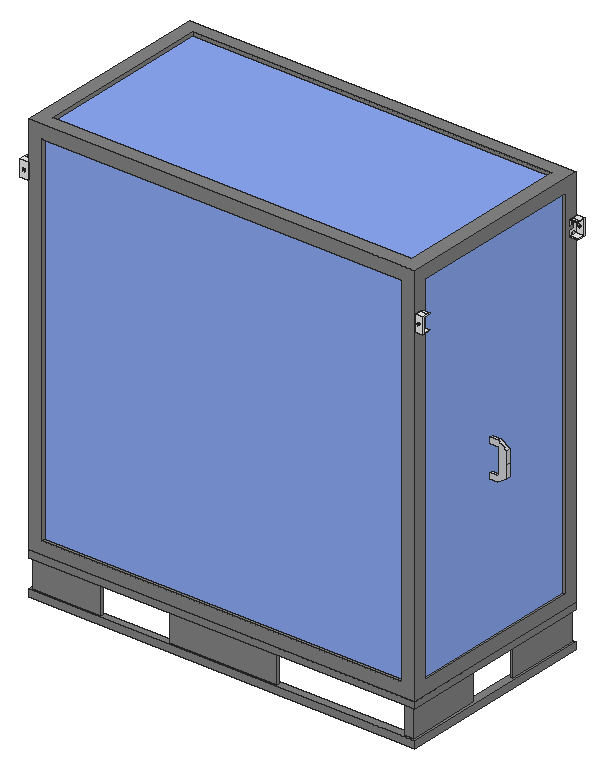
Revit family "13. Секция фильтра ANR F1-9", category Оборудование, Revit 2016
Family settings
  Тип детали = Нормальный
  Размер круглого соединителя = Использовать диаметр
  На основе рабочей плоскости = Нет
  Всегда вертикально = Да
  При загрузке вырезать с полостями = Нет
  Общий = Нет
  Точка расчета площади = Нет
Parameters (values of type "ANR 6 F1")
  №8 = no
  №7 = no
  №6 = yes
  №45 = no
  №40 = no
  №35 = no
  №30 = no
  №25 = no
  №20 = no
  №12 = no
  Ширина = А - 75 mm  # 1025 mm
  Фильтрующая вставка = "EU4"
  Синий = Синий
  Середина = h + Б1 / 2  # 670 mm
  Д1 = Д - 20 mm  # 555 mm
  Д = 575 mm
  ножки(да/нет) [instance] = no
  Высота = Б - 75 mm  # 1025 mm
  Б1 = Б - 20 mm  # 1080 mm
  А1 = А - 20 mm  # 1080 mm
  А = 1100 mm
  высота ножек = 120 mm
  Б = 1100 mm
  Частотный преобразователь [instance] = no
  Частота вращения n, об/мин = ""
  Тип, марка, обозначение = "ANR 6 F1"
  Сила тока J, А = ""
  Регулятор расхода [instance] = no
  Раздел = "ОВ"
  Примечание = ""
  Позиция = ""
  Напряжение U,В = ""
  Наименование и тех.хар-ка = "Секция фильтра"  # constant formula
  Мощность двигателя N,Вт = ""
  Материал = Сталь серая
  Масса единицы = ""
  Код, оборудования = ""
  Ключевая пометка = "Вентиляция"
  Задание электрикам [instance] = no
  Задание автоматчикам [instance] = no
  Завод изготовитель = "KORF"  # constant formula
  Единица измерения = "шт."  # constant formula
  h = высота ножек + 10 mm  # 130 mm
Reference planes
  plane 1 "По центру (Вперед/Назад)": y = 0
  plane 2: z = 0
  plane 3 "По центру (Влево/Вправо)": x = 0
  plane 4: x = -540
  plane 5: x = 540
  plane 6: y = 277.5
  plane 7: y = -277.5
  plane 8: z = 1210
  plane 9: z = 130
  plane 10: y = -70.418
  plane 11: z = 670
  plane 12: z = 1110
  plane 13: x = 574.5
  plane 14: x = 590
  plane 15: y = 70.418
  plane 16: x = 724
Forms (mm)
  Extrusion 1, solid, material "Синий" <- "Синий", detail levels fine
    sketch origin (0, 0, 50) x (1, 0, 0) y (0, 1, 0)
      loop
        line (-540, 277.5) -> (-540, -277.5) -> (540, -277.5) -> (540, 277.5) -> (-540, 277.5)
    from 80 to 1160
  Sweep 2, solid, material "Сталь серая" <- "Материал", detail levels fine
    path origin (540, -277.5, 50) x (-1, 0, 0) y (0, 0, -1)
      loop
        line (0, -1160) -> (1080, -1160) -> (1080, -80) -> (0, -80) -> (0, -1160)
    profile "Профиль уголок 10х10 : Профиль уголок 10х10" origin (0, -277.5, 1210) x (0, 0, -1) y (0, -1, 0)
      loop
        line (0, -27.5) -> (0, 0) -> (27.5, 0) -> (27.5, 10) -> (-10, 10) -> (-10, -27.5) -> (0, -27.5)
  Sweep 3, solid, material "Сталь серая" <- "Материал", detail levels fine
    path origin (-540, 277.5, 50) x (1, 0, 0) y (0, 0, -1)
      loop
        line (0, -1160) -> (1080, -1160) -> (1080, -80) -> (0, -80) -> (0, -1160)
    profile "Профиль уголок 10х10 : Профиль уголок 10х10" origin (0, 277.5, 1210) x (0, 0, -1) y (0, 1, 0)
      loop
        line (0, -27.5) -> (0, 0) -> (27.5, 0) -> (27.5, 10) -> (-10, 10) -> (-10, -27.5) -> (0, -27.5)
  Sweep 4, solid, material "Сталь серая" <- "Материал", detail levels fine
    path origin (540, 277.5, 50) x (0, -1, 0) y (0, 0, -1)
      loop
        line (0, -1160) -> (555, -1160) -> (555, -80) -> (0, -80) -> (0, -1160)
    profile "Профиль уголок 10х10 : Профиль уголок 10х10" origin (540, 0, 1210) x (0, 0, -1) y (1, 0, 0)
      loop
        line (0, -27.5) -> (0, 0) -> (27.5, 0) -> (27.5, 10) -> (-10, 10) -> (-10, -27.5) -> (0, -27.5)
  Sweep 5, solid, material "Сталь серая" <- "Материал", detail levels fine
    path origin (-540, -277.5, 50) x (0, 1, 0) y (0, 0, -1)
      loop
        line (0, -1160) -> (555, -1160) -> (555, -80) -> (0, -80) -> (0, -1160)
    profile "Профиль уголок 10х10 : Профиль уголок 10х10" origin (-540, 0, 1210) x (0, 0, -1) y (-1, 0, 0)
      loop
        line (0, -27.5) -> (0, 0) -> (27.5, 0) -> (27.5, 10) -> (-10, 10) -> (-10, -27.5) -> (0, -27.5)
  Extrusion 6, void, not visible
    sketch origin (-345, -245, 50) x (0, -1, 0) y (0, 0, -1)
      loop
        line (-477.965, -475) -> (-477.965, -450) -> (-528.913, -450) -> (-528.913, -475) -> (-477.965, -475)
    from -47.452 to 12
  Sweep 7, solid, material "Сталь серая" <- "Материал", detail levels fine
    path origin (0, 0, 0) x (1, 0, 0) y (0, 1, 0)
      loop
        line (-540, 277.5) -> (-540, -277.5) -> (540, -277.5) -> (540, 277.5) -> (-540, 277.5)
    profile "Семейство1 : Семейство1" origin (0, 277.5, 0) x (0, 1, 0) y (0, 0, 1)
      loop
        line (-10, 120) -> (-10, 100) -> (-3.38, 100) -> (-3.38, 20) -> (-10, 20) -> (-10, 0) -> (10, 0) -> (10, 20) -> (3.38, 20) -> (3.38, 100) -> (10, 100) -> (10, 120) -> (-10, 120)
  Extrusion 8, void
    sketch origin (0, 0, 0) x (1, 0, 0) y (0, 0, 1)
      loop
        line (152.369, 100) -> (152.369, 20) -> (516.298, 20) -> (516.298, 100) -> (152.369, 100)
      loop
        line (-152.369, 100) -> (-348.798, 100) -> (-348.798, 20) -> (-152.369, 20) -> (-152.369, 100)
    from -287.5 to 287.5
  Extrusion 9, void
    sketch origin (0, 0, 0) x (0, 1, 0) y (0, 0, 1)
      loop
        line (-70.418, 100) -> (-70.418, 20) -> (70.418, 20) -> (70.418, 100) -> (-70.418, 100)
    from -550 to 1700
  Extrusion 10, solid, material "Сталь серая" <- "Материал", not visible, detail levels fine
    sketch origin (0, 0, 0) x (1, 0, 0) y (0, 1, 0)
      loop
        line (-494.622, -125.486) -> (-449.622, -125.486) -> (-395.565, 128.832) -> (-315.565, 128.832) -> (-261.508, -125.486) -> (-216.508, -125.486) -> (-162.451, 128.832) -> (-82.451, 128.832) -> (-28.394, -125.486) -> (16.606, -125.486) -> (70.664, 128.832) -> (150.664, 128.832) -> (204.721, -125.486) -> (249.721, -125.486) -> (303.778, 128.832) -> (383.778, 128.832) -> (437.835, -125.486) -> (482.835, -125.486) -> (482.835, -115.486) -> (445.932, -115.486) -> (391.875, 138.832) -> (295.68, 138.832) -> (241.623, -115.486) -> (212.818, -115.486) -> (158.761, 138.832) -> (62.566, 138.832) -> (8.509, -115.486) -> (-20.296, -115.486) -> (-74.353, 138.832) -> (-170.548, 138.832) -> (-224.605, -115.486) -> (-253.41, -115.486) -> (-307.467, 138.832) -> (-403.662, 138.832) -> (-457.72, -115.486) -> (-494.622, -115.486) -> (-494.622, -125.486)
    from 731.909 to 4210
Cuts and joins
  joined: Sweep 2, Sweep 3, Sweep 4, Sweep 5
  Extrusion 8, Extrusion 9 cuts Sweep 7
Lines and regions (mm)
  model lines, detail levels coarse
    curve 1: line (-550, 287.5, 0) -> (550, 287.5, 0)
    curve 2: line (-550, -287.5, 0) -> (-550, 287.5, 0)
    curve 3: line (550, -287.5, 0) -> (-550, -287.5, 0)
    curve 4: line (550, 287.5, 0) -> (550, -287.5, 0)
  model lines, not visible, detail levels coarse
    curve 5: line (-494.622, -125.486, 0) -> (-449.622, -125.486, 0)
    curve 6: line (-449.622, -125.486, 0) -> (-395.565, 128.832, 0)
    curve 7: line (-395.565, 128.832, 0) -> (-315.565, 128.832, 0)
    curve 8: line (-261.508, -125.486, 0) -> (-315.565, 128.832, 0)
    curve 9: line (-261.508, -125.486, 0) -> (-216.508, -125.486, 0)
    curve 10: line (-216.508, -125.486, 0) -> (-162.451, 128.832, 0)
    curve 11: line (-162.451, 128.832, 0) -> (-82.451, 128.832, 0)
    curve 12: line (-28.394, -125.486, 0) -> (-82.451, 128.832, 0)
    curve 13: line (-28.394, -125.486, 0) -> (16.606, -125.486, 0)
    curve 14: line (16.606, -125.486, 0) -> (70.664, 128.832, 0)
    curve 15: line (70.664, 128.832, 0) -> (150.664, 128.832, 0)
    curve 16: line (204.721, -125.486, 0) -> (150.664, 128.832, 0)
    curve 17: line (204.721, -125.486, 0) -> (249.721, -125.486, 0)
    curve 18: line (249.721, -125.486, 0) -> (303.778, 128.832, 0)
    curve 19: line (303.778, 128.832, 0) -> (383.778, 128.832, 0)
    curve 20: line (437.835, -125.486, 0) -> (383.778, 128.832, 0)
    curve 21: line (437.835, -125.486, 0) -> (482.835, -125.486, 0)
Dimensions and locks
  equal spacing: plane 6, plane 1 "По центру (Вперед/Назад)", plane 7
  "Д1": plane 6 to plane 7
  equal spacing: plane 4, plane 3 "По центру (Влево/Вправо)", plane 5
  "А1": plane 4 to plane 5
  "h": plane 9 to level
  "Б1": plane 8 to plane 9
  cut or joined group of Sweep 2, Sweep 3, Sweep 4, Sweep 5 to level = 120 mm
  locked: plane 3 "По центру (Влево/Вправо)" to cut or joined group of Sweep 7, Extrusion 8, Extrusion 9 at 152.369
  locked: cut or joined group of Sweep 7, Extrusion 8, Extrusion 9 to plane 3 "По центру (Влево/Вправо)" at 152.369
  "Середина": plane 11 to level
  locked: plane 8 to plane 12 at 100
  locked: plane 14 to plane 5 at 50
  plane 1 "По центру (Вперед/Назад)" to plane 7 = 277.5 mm
  plane 6 to plane 1 "По центру (Вперед/Назад)" = 277.5 mm
  equal spacing: plane 10, plane 1 "По центру (Вперед/Назад)", plane 15, locked at 70.418 each
  locked: plane 16 to plane 5 at 184
  aligned and locked: level to plane 2
  aligned and locked: plane 6 to Extrusion 1
  aligned and locked: plane 5 to Extrusion 1
  aligned and locked: Extrusion 1 to plane 7
  aligned and locked: Extrusion 1 to plane 4
  aligned and locked: plane 8 to Extrusion 1
  aligned and locked: Extrusion 1 to plane 9
  aligned and locked: Sweep 4 sketch curve to Extrusion 1  (x2)
  aligned and locked: Sweep 5 sketch curve to Extrusion 1  (x2)
  aligned and locked: Sweep 7 sketch curve to Extrusion 1  (x4)
  aligned and locked: Sweep 7 to Extrusion 8  (x2)
  aligned and locked: cut or joined group of Sweep 2, Sweep 3, Sweep 4, Sweep 5 to Extrusion 9
  aligned and locked: nested 3 to cut or joined group of Sweep 2, Sweep 3, Sweep 4, Sweep 5  (x2)
  aligned and locked: plane 12 to nested 3
  aligned and locked: nested 4 to plane 12
  aligned and locked: cut or joined group of Sweep 2, Sweep 3, Sweep 4, Sweep 5 to nested 4  (x2)
  aligned and locked: cut or joined group of Sweep 2, Sweep 3, Sweep 4, Sweep 5 to nested 3
  aligned and locked: cut or joined group of Sweep 2, Sweep 3, Sweep 4, Sweep 5 to nested 6
  aligned and locked: nested 5 to cut or joined group of Sweep 2, Sweep 3, Sweep 4, Sweep 5
  aligned and locked: plane 12 to nested 6
  aligned and locked: nested 5 to plane 12
  aligned and locked: nested 2 to plane 14
  aligned and locked: nested 6 to cut or joined group of Sweep 2, Sweep 3, Sweep 4, Sweep 5
  aligned and locked: cut or joined group of Sweep 2, Sweep 3, Sweep 4, Sweep 5 to nested 5
  aligned and locked: plane 1 "По центру (Вперед/Назад)" to nested 2
  aligned and locked: plane 10 to Extrusion 9 sketch curve
  aligned and locked: plane 15 to Extrusion 9 sketch curve
  aligned and locked: nested 2 to plane 11
  aligned and locked: curve 1 to cut or joined group of Sweep 2, Sweep 3, Sweep 4, Sweep 5
  aligned and locked: curve 2 to cut or joined group of Sweep 2, Sweep 3, Sweep 4, Sweep 5
  aligned and locked: curve 3 to cut or joined group of Sweep 7, Extrusion 8, Extrusion 9
  aligned and locked: curve 4 to cut or joined group of Sweep 2, Sweep 3, Sweep 4, Sweep 5
  aligned and locked: level to nested 8
  aligned and locked: plane 9 to nested 9
  aligned and locked: nested 10 to plane 6
  aligned and locked: plane 9 to nested 10
  aligned and locked: plane 7 to nested 11
  aligned and locked: plane 9 to nested 11
  aligned and locked: plane 7 to nested 12
  aligned and locked: plane 9 to nested 12
  aligned and locked: plane 7 to nested 13
  aligned and locked: plane 9 to nested 13
  aligned and locked: plane 7 to nested 14
  aligned and locked: plane 9 to nested 14
  aligned and locked: plane 7 to nested 15
  aligned and locked: plane 9 to nested 15
  aligned and locked: plane 7 to nested 16
  aligned and locked: plane 9 to nested 16
  aligned and locked: plane 7 to nested 17
  aligned and locked: plane 9 to nested 17
Automatic sketch dimensions
  Extrusion 6 sketch curve to Extrusion 6 sketch curve = 50.949 mm
  Extrusion 6 sketch curve to Extrusion 6 sketch curve = 25 mm
  Extrusion 1 sketch curve to plane 4 = 0 mm
  Extrusion 1 sketch curve to plane 5 = 0 mm
  Extrusion 1 sketch curve to plane 7 = 0 mm
  Extrusion 1 sketch curve to plane 6 = 0 mm
  Sweep 2 sketch curve to Extrusion 1 = 0 mm  (x4)
  Sweep 3 sketch curve to Extrusion 1 = 0 mm  (x3)
  Extrusion 1 to Sweep 3 sketch curve = 0 mm
  Sweep 4 sketch curve to Extrusion 1 = 0 mm  (x2)
  Sweep 5 sketch curve to Extrusion 1 = 0 mm  (x2)
  Extrusion 8 sketch curve to plane 9 = 30 mm  (x2)
  plane 4 to Extrusion 8 sketch curve = 191.202 mm
  level to Extrusion 8 sketch curve = 20 mm  (x2)
  Extrusion 8 sketch curve to plane 3 "По центру (Влево/Вправо)" = 152.369 mm
  plane 3 "По центру (Влево/Вправо)" to Extrusion 8 sketch curve = 152.369 mm
  Extrusion 8 sketch curve to plane 13 = 58.202 mm
  level to Extrusion 9 sketch curve = 20 mm
  Extrusion 9 sketch curve to plane 9 = 30 mm
  curve 5 to curve 6 = 54.057 mm
  curve 6 to curve 8 = 80 mm
  curve 5 to curve 9 = 188.114 mm
  curve 8 to curve 9 = 45 mm
  curve 7 to curve 11 = 153.114 mm
  curve 10 to curve 12 = 80 mm
  curve 9 to curve 12 = 188.114 mm
  curve 12 to curve 14 = 45 mm
  curve 11 to curve 15 = 153.114 mm
  curve 14 to curve 15 = 80 mm
  curve 13 to curve 17 = 188.114 mm
  curve 16 to curve 18 = 45 mm
  curve 15 to curve 18 = 153.114 mm
  curve 18 to curve 20 = 80 mm
  curve 17 to curve 20 = 188.114 mm
  curve 5 to curve 8 = 0 mm
  curve 18 to curve 20 = 0 mm
  curve 9 to curve 12 = 0 mm
  curve 13 to curve 15 = 254.318 mm
  curve 12 to curve 14 = 0 mm
  curve 15 to curve 18 = 0 mm
  curve 8 to curve 10 = 0 mm
  curve 5 to curve 5 = 45 mm
  curve 20 to curve 21 = 45 mm
  curve 21 to curve 19 = 254.318 mm
  Extrusion 10 sketch curve to Extrusion 10 sketch curve = 36.902 mm  (x2)
  Extrusion 10 sketch curve to Extrusion 10 sketch curve = 8.098 mm  (x16)
  Extrusion 10 sketch curve to Extrusion 10 sketch curve = 80 mm  (x4)
  Extrusion 10 sketch curve to Extrusion 10 sketch curve = 188.114 mm  (x4)
  Extrusion 10 sketch curve to Extrusion 10 sketch curve = 28.804 mm  (x3)
  Extrusion 10 sketch curve to Extrusion 10 sketch curve = 136.918 mm  (x3)
  Extrusion 10 sketch curve to Extrusion 10 sketch curve = 10 mm  (x11)
  Extrusion 10 sketch curve to Extrusion 10 sketch curve = 54.057 mm
  Extrusion 10 sketch curve to Extrusion 10 sketch curve = 0 mm  (x4)
  Extrusion 10 sketch curve to Extrusion 10 sketch curve = 244.318 mm  (x2)
Nested families
  nested 1: "крепление 15мм" at (-330, 229.965, 495), type "крепление 15мм", not visible
  nested 2: "Ручка" at (552.018, -10, 621.108), type "Ручка", detail levels fine
  nested 3: "крепеж" at (574.5, -287.5, 1065.175) x (-1, 0, 0) z (0, 0, 1), type "крепеж", detail levels fine
  nested 4: "крепеж" at (574.5, 287.5, 1065.175) x (-1, 0, 0) z (0, 0, 1), type "крепеж", detail levels fine
  nested 5: "крепеж" at (-574.5, -287.5, 1065.175), type "крепеж", detail levels fine
  nested 6: "крепеж" at (-574.5, 287.5, 1065.175), type "крепеж", detail levels fine
  nested 7: "УГО Массив" at (-445, -51.168, 1210), type "УГО Массив", detail levels fine
    with n 5
  nested 8: "УГО Массив" at (-445, -51.168, 0), type "УГО Массив", detail levels coarse
    with n 5
  nested 9: "УГО фильтр №6 (разрез)" at (0, 0, 130) x (0, 1, 0) z (0, 0, 1), длина <- "Д1", высота <- "Б1", visible <- "№6", type "УГО фильтр №6 (разрез)", detail levels medium
    with длина 555 mm, высота 1080 mm, Ширина 0 mm
  nested 10: "УГО фильтр №7 (разрез)" at (0, 0, 130) x (0, 1, 0) z (0, 0, 1), длина <- "Д1", высота <- "Б1", visible <- "№7", type "УГО фильтр №7 (разрез)", detail levels medium
    with длина 555 mm, высота 1080 mm, Ширина 0 mm
  nested 11: "УГО фильтр №12 (разрез)" at (0, 0, 130) x (0, 1, 0) z (0, 0, 1), длина <- "Д1", высота <- "Б1", visible <- "№12", type "УГО фильтр №12 (разрез)", detail levels medium
    with длина 555 mm, высота 1080 mm, Ширина 0 mm
  nested 12: "УГО фильтр №20 (разрез)" at (0, 0, 130) x (0, 1, 0) z (0, 0, 1), длина <- "Д1", высота <- "Б1", visible <- "№20", type "УГО фильтр №20 (разрез)", detail levels medium
    with длина 555 mm, высота 1080 mm, Ширина 0 mm
  nested 13: "УГО фильтр №25 (разрез)" at (0, 0, 130) x (0, 1, 0) z (0, 0, 1), visible <- "№25", длина <- "Д1", высота <- "Б1", type "УГО фильтр №25 (разрез)", detail levels medium
    with длина 555 mm, высота 1080 mm, Ширина 410 mm
  nested 14: "УГО фильтр №30 (разрез)" at (0, 0, 130) x (0, 1, 0) z (0, 0, 1), длина <- "Д1", высота <- "Б1", visible <- "№30", type "УГО фильтр №30 (разрез)", detail levels medium
    with длина 555 mm, высота 1080 mm, Ширина 410 mm
  nested 15: "УГО фильтр №35 (разрез)" at (0, 0, 130) x (0, 1, 0) z (0, 0, 1), длина <- "Д1", высота <- "Б1", visible <- "№35", type "УГО фильтр №35 (разрез)", detail levels medium
    with длина 555 mm, высота 1080 mm, Ширина 410 mm
  nested 16: "УГО фильтр №40 (разрез)" at (0, 0, 130) x (0, 1, 0) z (0, 0, 1), длина <- "Д1", высота <- "Б1", visible <- "№40", type "УГО фильтр №40 (разрез)", detail levels medium
    with длина 555 mm, высота 1080 mm, Ширина 410 mm
  nested 17: "УГО фильтр №45 (разрез)" at (0, 0, 130) x (0, 1, 0) z (0, 0, 1), длина <- "Д1", высота <- "Б1", visible <- "№45", type "УГО фильтр №45 (разрез)", detail levels medium
    with длина 555 mm, высота 1080 mm, Ширина 410 mm
Connectors
  hvac at (0, -287.5, 670), driven by "Высота", driven by "Ширина"
    settings: on cut or joined group of Sweep 2, Sweep 3, Sweep 4, Sweep 5, index 1, duct flow 0.0 L/s, flow factor 0, pres drop 0.0 Pa, loss coef 0, conn angle 0.00°, conn width 1025 mm, conn height 1025 mm, conn diameter 609.6 mm, duct sys type 28, conn prof type 1, flow config 0, flow direction 0, loss method 0, conn ref index -1, conn util no, is conn primary yes, conn desc ""
  hvac at (0, 287.5, 670), driven by "Высота", driven by "Ширина"
    settings: on cut or joined group of Sweep 2, Sweep 3, Sweep 4, Sweep 5, index 2, duct flow 0.0 L/s, flow factor 0, pres drop 0.0 Pa, loss coef 0, conn angle 0.00°, conn width 1025 mm, conn height 1025 mm, conn diameter 609.6 mm, duct sys type 28, conn prof type 1, flow config 0, flow direction 0, loss method 0, conn ref index -1, conn util no, is conn primary no, conn desc ""
Definition of nested family "крепление 15мм"
  Parameters (values of type "крепление 15мм")
    Материал крепления = none
  Reference planes
    plane 1 "По центру (Вперед/Назад)": y = 0
    plane 2: z = 0
    plane 3 "По центру (Влево/Вправо)": x = 0
  Forms (mm)
    Extrusion 1, solid, material <- "Материал крепления"
      sketch origin (0, 0, 0) x (1, 0, 0) y (0, 1, 0)
        loop
          line (-25, 0) -> (0, 0) -> (0, 18.31) -> (0, 25) -> (-3, 25) -> (-3, 3) -> (-25, 3) -> (-25, 0)
      from 0 to 30
    Extrusion 2, void
      sketch origin (0, 0, 0) x (1, 0, 0) y (0, 1, 0)
        loop
          line (-3, 3) -> (-3, 54.96) -> (-58, 54.96) -> (-58, 3) -> (-3, 3)
      from 0 to 15
  Cuts and joins
    Extrusion 2 cuts Extrusion 1
  Dimensions and locks
    Extrusion 1 sketch curve to Extrusion 1 sketch curve = 3 mm  (x2)
    Extrusion 1 sketch curve to Extrusion 1 sketch curve to plane 3 "По центру (Влево/Вправо)" = 25 mm, 0 mm
    Extrusion 1 sketch curve to Extrusion 1 sketch curve = 25 mm
    aligned and locked: level to plane 2
Definition of nested family "Ручка"
  Parameters (values of type "Ручка")
    материал ручки = none
  Reference planes
    plane 1 "По центру (Вперед/Назад)": y = 0
    plane 2: z = 0
    plane 3 "По центру (Влево/Вправо)": x = 0
    plane 4: x = -37.982
    plane 5: x = 37.982
  Forms (mm)
    Extrusion 1, solid, material <- "материал ручки", not visible
      sketch origin (-3.982, 0, -4.834) x (0, 0, 1) y (-1, 0, 0)
        loop
          line (-52.874, -42.815) -> (53.726, -42.815) -> (53.726, 8.783) -> (36.069, 34) -> (1.069, 34) -> (-36.069, 34) -> (-52.874, 10) -> (-52.874, -42.815)
      from 0 to 10
    Extrusion 2, void, not visible
      sketch origin (-3.982, 0, -4.834) x (0, 0, 1) y (-1, 0, 0)
        loop
          line (-37.219, -42.815) -> (37.781, -42.815) -> (37.781, 20.04) -> (-37.219, 20.04) -> (-37.219, -42.815)
      from 0 to 50
    Extrusion 3, solid, material <- "материал ручки"
      sketch origin (3.982, 0, -4.834) x (0, 0, 1) y (-1, 0, 0)
        loop
          line (-52.874, 42.815) -> (-52.874, -10) -> (-36.069, -34) -> (1.069, -34) -> (36.069, -34) -> (53.726, -8.783) -> (53.726, 42.815) -> (-52.874, 42.815)
      from 0 to 10
    Extrusion 4, void
      sketch origin (3.982, 0, -4.834) x (0, 0, 1) y (-1, 0, 0)
        loop
          line (-37.219, 42.815) -> (-37.219, -11.018) -> (37.781, -11.018) -> (37.781, 42.815) -> (-37.219, 42.815)
      from 0 to 50
  Cuts and joins
    Extrusion 4 cuts Extrusion 3
  Dimensions and locks
    aligned and locked: level to plane 2
Definition of nested family "крепеж"
  Parameters (values of type "крепеж")
    Материал крепежа = none
  Reference planes
    plane 1 "По центру (Вперед/Назад)": y = 0
    plane 2: z = 0
    plane 3 "По центру (Влево/Вправо)": x = 0
    plane 4: x = 24.5
    plane 5: z = 22.413
  Forms (mm)
    Extrusion 1, solid, material <- "Материал крепежа"
      sketch origin (0, 0, 0) x (0, 1, 0) y (0, 0, 1)
        loop
          line (0, 44.825) -> (-16.343, 44.825) -> (-24.468, 44.825) -> (-24.468, 42.95) -> (-1.968, 42.95) -> (-1.968, 1.657) -> (-24.468, 1.657) -> (-24.468, 0) -> (-16.343, 0) -> (0, 0) -> (0, 44.825)
      from 0 to 24.5
    Extrusion 2, void
      sketch origin (0.625, 0, -0.625) x (1, 0, 0) y (0, 0, 1)
        loop
          circle (11.121, 22.873) r 5
      from 0 to 250
    Extrusion 3, solid, material <- "Материал крепежа"
      sketch origin (0, 0, 0.175) x (1, 0, 0) y (0, 0, 1)
        loop
          line (24.5, 44.651) -> (22.651, 44.651) -> (22.651, -0.175) -> (24.5, -0.175) -> (24.5, 44.651)
      from 0 to 24.468
    Extrusion 4, void
      sketch origin (0, 0, 0) x (0, 1, 0) y (0, 0, 1)
        loop
          line (-24.468, 28.943) -> (-24.468, 15.882) -> (-9.468, 15.882) -> (-9.468, 28.943) -> (-24.468, 28.943)
      from 0 to 250
    Blend 5, solid
      base sketch origin (0, 0, 0) x (0, 1, 0) y (0, 0, 1)
        loop
          circle (-15.104, 36.823) r 4.161
      top sketch origin (0, 0, 0) x (0, 1, 0) y (0, 0, 1)
        loop
          circle (-15.104, 36.823) r 2.994
      from 22.651 to 19.241
    Blend 6, solid
      base sketch origin (0, 0, 44.825) x (0, 1, 0) y (0, 0, 1)
        loop
          circle (-15.104, -36.823) r 4.161
      top sketch origin (0, 0, 44.825) x (0, 1, 0) y (0, 0, 1)
        loop
          circle (-15.104, -36.823) r 2.994
      from 22.651 to 19.241
  Cuts and joins
    Extrusion 2, Extrusion 4 cuts Extrusion 1
    Extrusion 4 cuts Extrusion 3
    joined: Extrusion 1, Extrusion 3
  Dimensions and locks
    plane 3 "По центру (Влево/Вправо)" to plane 4 = 24.5 mm
    equal spacing: cut or joined group of Extrusion 1, Extrusion 2, Extrusion 3, Extrusion 4, plane 5, cut or joined group of Extrusion 1, Extrusion 2, Extrusion 3, Extrusion 4
    equal spacing: Extrusion 4 sketch curve, plane 5, Extrusion 4 sketch curve
    aligned and locked: level to plane 2
    aligned and locked: plane 4 to Extrusion 1
    aligned and locked: cut or joined group of Extrusion 1, Extrusion 2, Extrusion 3, Extrusion 4 to cut or joined group of Extrusion 1, Extrusion 2, Extrusion 3, Extrusion 4  (x3)
    aligned and locked: cut or joined group of Extrusion 1, Extrusion 2, Extrusion 3, Extrusion 4 to Blend 5
  Automatic sketch dimensions
    Extrusion 1 sketch curve to level = 0 mm
    Extrusion 1 sketch curve to plane 1 "По центру (Вперед/Назад)" = 0 mm
    plane 1 "По центру (Вперед/Назад)" to Extrusion 1 sketch curve = 1.968 mm
    Extrusion 1 sketch curve to Extrusion 1 sketch curve = 14.375 mm  (x2)
    level to Extrusion 1 sketch curve = 1.657 mm
    Extrusion 1 sketch curve to Extrusion 1 sketch curve = 8.125 mm  (x2)
    plane 5 to Extrusion 1 sketch curve = 20.538 mm
    Extrusion 1 sketch curve to Extrusion 1 sketch curve = 1.875 mm
    Extrusion 2 sketch curve to plane 5 = 0.165 mm
    plane 3 "По центру (Влево/Вправо)" to Extrusion 2 sketch curve = 11.746 mm
    Extrusion 3 sketch curve to level = 0 mm
    Extrusion 3 sketch curve to plane 4 = 0 mm
    Extrusion 3 sketch curve to Extrusion 3 sketch curve = 1.849 mm
    plane 5 to Extrusion 3 sketch curve = 22.413 mm
    Extrusion 4 sketch curve to plane 5 = 6.531 mm
    plane 1 "По центру (Вперед/Назад)" to Extrusion 4 sketch curve = 24.468 mm
    plane 1 "По центру (Вперед/Назад)" to Extrusion 4 sketch curve = 9.468 mm
    plane 1 "По центру (Вперед/Назад)" to Blend 5 sketch curve = 15.104 mm  (x2)
    plane 5 to Blend 5 sketch curve = 14.41 mm  (x2)
    Blend 6 sketch curve to plane 1 "По центру (Вперед/Назад)" = 15.104 mm  (x2)
    Blend 6 sketch curve to level = 8.002 mm  (x2)
    radius of Extrusion 2 sketch curve = 5 mm
    radius of Blend 5 sketch curve = 4.161 mm
    radius of Blend 5 sketch curve = 2.994 mm
    radius of Blend 6 sketch curve = 4.161 mm
    radius of Blend 6 sketch curve = 2.994 mm
Definition of nested family "УГО Массив"
  Parameters (values of type "УГО Массив")
    Частота вращения n, об/мин = ""
    Тип, марка, обозначение = ""
    Сила тока J, А = ""
    Раздел = "ВПИСАТЬ РАЗДЕЛ"
    Примечание = ""
    Позиция = ""
    Default Elevation = 1219.2 mm
    Напряжение U,В = ""
    Наименование и тех.хар-ка = ""
    Мощность двигателя N,Вт = ""
    Материал = none
    Масса единицы = ""
    Код, оборудования = ""
    Keynote = "ВПИСАТЬ СПЕЦИАЛЬНОСТЬ"
    Завод изготовитель = ""
    Единица измерения = ""
    n [instance] = 5
  Reference planes
    plane 1 "По центру (Вперед/Назад)": y = 0
    plane 2: z = 0
    plane 3 "По центру (Влево/Вправо)": x = 0
  Lines and regions (mm)
    model lines
      curve 1: line (0, 0, 0) -> (20, 0, 0)
      curve 2: line (20, 0, 0) -> (76.25, 97.428, 0)
      curve 3: line (76.25, 97.428, 0) -> (121.25, 97.428, 0)
      curve 4: line (177.5, 0, 0) -> (121.25, 97.428, 0)
      curve 9: line (177.5, 0, 0) -> (197.5, 0, 0)
      curve 10: line (197.5, 0, 0) -> (253.75, 97.428, 0)
      curve 11: line (253.75, 97.428, 0) -> (298.75, 97.428, 0)
      curve 12: line (355, 0, 0) -> (298.75, 97.428, 0)
      curve 13: line (355, 0, 0) -> (375, 0, 0)
      curve 14: line (375, 0, 0) -> (431.25, 97.428, 0)
      curve 15: line (431.25, 97.428, 0) -> (476.25, 97.428, 0)
      curve 16: line (532.5, 0, 0) -> (476.25, 97.428, 0)
      curve 17: line (532.5, 0, 0) -> (552.5, 0, 0)
      curve 18: line (552.5, 0, 0) -> (608.75, 97.428, 0)
      curve 19: line (608.75, 97.428, 0) -> (653.75, 97.428, 0)
      curve 20: line (710, 0, 0) -> (653.75, 97.428, 0)
      curve 21: line (710, 0, 0) -> (730, 0, 0)
      curve 22: line (730, 0, 0) -> (786.25, 97.428, 0)
      curve 23: line (786.25, 97.428, 0) -> (831.25, 97.428, 0)
      curve 24: line (887.5, 0, 0) -> (831.25, 97.428, 0)
    model lines, not visible
      curve 5: line (-115, 0, 0) -> (-95, 0, 0)
      curve 6: line (-95, 0, 0) -> (-38.75, 97.428, 0)
      curve 7: line (-38.75, 97.428, 0) -> (6.25, 97.428, 0)
      curve 8: line (62.5, 0, 0) -> (6.25, 97.428, 0)
  Dimensions and locks
    equal spacing: group 2, group 3, group 4, group 5, group 6  (x3)
    aligned and locked: level to plane 2
    aligned and locked: plane 3 "По центру (Влево/Вправо)" to curve 1
Definition of nested family "УГО фильтр №6 (разрез)"
  Parameters (values of type "УГО фильтр №6 (разрез)")
    длина [instance] = 500 mm
    высота [instance] = 1000 mm
    Ширина [instance] = 410 mm
    Частота вращения n, об/мин = ""
    Тип, марка, обозначение = ""
    Сила тока J, А = ""
    Раздел = ""
    Примечание = ""
    Позиция = ""
    Default Elevation = 1219.2 mm
    Напряжение U,В = ""
    Наименование и тех.хар-ка = ""
    Мощность двигателя N,Вт = ""
    Материал = none
    Масса единицы = ""
    Код, оборудования = ""
    Keynote = ""
    Завод изготовитель = ""
    Единица измерения = ""
    Диаметр = 110 mm
  Reference planes
    plane 1 "По центру (Вперед/Назад)": y = 0
    plane 2: z = 0
    plane 3 "По центру (Влево/Вправо)": x = 0
    plane 4: z = 1000
    plane 5: x = 250
    plane 6: x = -250
    plane 7: z = 500
  Lines and regions (mm)
    model lines
      curve 1: line (-250, 0, 0) -> (250, 0, 0)
      curve 2: line (-250, 0, 1000) -> (-250, 0, 0)
      curve 3: line (250, 0, 1000) -> (-250, 0, 1000)
      curve 4: line (250, 0, 0) -> (250, 0, 1000)
      curve 5: line (63.964, 0, 819.61) -> (63.964, 0, 803.219)
      curve 6: line (63.964, 0, 803.219) -> (-88.681, 0, 750.659)
      curve 7: line (-88.681, 0, 750.659) -> (-88.681, 0, 719.267)
      curve 8: line (63.964, 0, 666.707) -> (-88.681, 0, 719.267)
      curve 9: line (63.964, 0, 666.707) -> (63.964, 0, 650.315)
      curve 10: line (63.964, 0, 650.315) -> (-88.681, 0, 597.755)
      curve 11: line (-88.681, 0, 597.755) -> (-88.681, 0, 566.363)
      curve 12: line (63.964, 0, 513.804) -> (-88.681, 0, 566.363)
      curve 13: line (63.964, 0, 513.804) -> (63.964, 0, 497.412)
      curve 14: line (63.964, 0, 497.412) -> (-88.681, 0, 444.852)
      curve 15: line (-88.681, 0, 444.852) -> (-88.681, 0, 413.46)
      curve 16: line (63.964, 0, 360.9) -> (-88.681, 0, 413.46)
      curve 17: line (63.964, 0, 360.9) -> (63.964, 0, 344.508)
      curve 18: line (63.964, 0, 344.508) -> (-88.681, 0, 291.948)
      curve 19: line (-88.681, 0, 291.948) -> (-88.681, 0, 260.557)
      curve 20: line (63.964, 0, 207.997) -> (-88.681, 0, 260.557)
    model lines, not visible
      curve 21: line (63.964, 0, 624.61) -> (63.964, 0, 608.219)
      curve 22: line (63.964, 0, 608.219) -> (-88.681, 0, 555.659)
      curve 23: line (-88.681, 0, 555.659) -> (-88.681, 0, 524.267)
      curve 24: line (63.964, 0, 471.707) -> (-88.681, 0, 524.267)
      curve 25: line (63.964, 0, 471.707) -> (63.964, 0, 455.315)
      curve 26: line (63.964, 0, 455.315) -> (-88.681, 0, 402.755)
      curve 27: line (-88.681, 0, 402.755) -> (-88.681, 0, 371.363)
      curve 28: line (63.964, 0, 318.804) -> (-88.681, 0, 371.363)
      curve 29: line (63.964, 0, 318.804) -> (63.964, 0, 302.412)
      curve 30: line (63.964, 0, 302.412) -> (-88.681, 0, 249.852)
      curve 31: line (-88.681, 0, 249.852) -> (-88.681, 0, 218.46)
      curve 32: line (63.964, 0, 165.9) -> (-88.681, 0, 218.46)
      curve 33: line (63.964, 0, 165.9) -> (63.964, 0, 149.508)
      curve 34: line (63.964, 0, 149.508) -> (-88.681, 0, 96.948)
      curve 35: line (-88.681, 0, 96.948) -> (-88.681, 0, 65.557)
      curve 36: line (63.964, 0, 12.997) -> (-88.681, 0, 65.557)
  Dimensions and locks
    equal spacing: plane 5, plane 3 "По центру (Влево/Вправо)", plane 6
    "длина": plane 5 to plane 6
    "высота": plane 4 to level
    equal spacing: plane 4, plane 7, plane 2
    aligned and locked: level to plane 2
  Automatic sketch dimensions
    curve 3 to plane 4 = 0 mm
    curve 3 to plane 6 = 0 mm
    curve 1 to level = 0 mm
    curve 1 to plane 5 = 0 mm
Definition of nested family "УГО фильтр №7 (разрез)"
  Parameters (values of type "УГО фильтр №7 (разрез)")
    длина [instance] = 500 mm
    высота [instance] = 1300 mm
    Ширина [instance] = 410 mm
    Частота вращения n, об/мин = ""
    Тип, марка, обозначение = ""
    Сила тока J, А = ""
    Раздел = ""
    Примечание = ""
    Позиция = ""
    Default Elevation = 1219.2 mm
    Напряжение U,В = ""
    Наименование и тех.хар-ка = ""
    Мощность двигателя N,Вт = ""
    Материал = none
    Масса единицы = ""
    Код, оборудования = ""
    Keynote = ""
    Завод изготовитель = ""
    Единица измерения = ""
    Диаметр = 110 mm
  Reference planes
    plane 1 "По центру (Вперед/Назад)": y = 0
    plane 2: z = 0
    plane 3 "По центру (Влево/Вправо)": x = 0
    plane 4: z = 1300
    plane 5: x = 250
    plane 6: x = -250
    plane 7: z = 650
  Lines and regions (mm)
    model lines
      curve 1: line (-250, 0, 0) -> (250, 0, 0)
      curve 2: line (-250, 0, 1300) -> (-250, 0, 0)
      curve 3: line (250, 0, 1300) -> (-250, 0, 1300)
      curve 4: line (250, 0, 0) -> (250, 0, 1300)
      curve 5: line (43.964, 0, 749.61) -> (43.964, 0, 733.219)
      curve 6: line (43.964, 0, 733.219) -> (-108.681, 0, 680.659)
      curve 7: line (-108.681, 0, 680.659) -> (-108.681, 0, 649.267)
      curve 8: line (43.964, 0, 596.707) -> (-108.681, 0, 649.267)
      curve 9: line (43.964, 0, 596.707) -> (43.964, 0, 580.315)
      curve 10: line (43.964, 0, 580.315) -> (-108.681, 0, 527.755)
      curve 11: line (-108.681, 0, 527.755) -> (-108.681, 0, 496.363)
      curve 12: line (43.964, 0, 443.804) -> (-108.681, 0, 496.363)
      curve 13: line (43.964, 0, 443.804) -> (43.964, 0, 427.412)
      curve 14: line (43.964, 0, 427.412) -> (-108.681, 0, 374.852)
      curve 15: line (-108.681, 0, 374.852) -> (-108.681, 0, 343.46)
      curve 16: line (43.964, 0, 290.9) -> (-108.681, 0, 343.46)
      curve 17: line (43.964, 0, 290.9) -> (43.964, 0, 274.508)
      curve 18: line (43.964, 0, 274.508) -> (-108.681, 0, 221.948)
      curve 19: line (-108.681, 0, 221.948) -> (-108.681, 0, 190.557)
      curve 20: line (43.964, 0, 137.997) -> (-108.681, 0, 190.557)
      curve 37: line (43.964, 0, 902.514) -> (43.964, 0, 886.122)
      curve 38: line (43.964, 0, 886.122) -> (-108.681, 0, 833.562)
      curve 39: line (-108.681, 0, 833.562) -> (-108.681, 0, 802.17)
      curve 40: line (43.964, 0, 749.61) -> (-108.681, 0, 802.17)
      curve 41: line (43.964, 0, 1055.417) -> (43.964, 0, 1039.025)
      curve 42: line (43.964, 0, 1039.025) -> (-108.681, 0, 986.465)
      curve 43: line (-108.681, 0, 986.465) -> (-108.681, 0, 955.074)
      curve 44: line (43.964, 0, 902.514) -> (-108.681, 0, 955.074)
      curve 45: line (43.964, 0, 1208.321) -> (43.964, 0, 1191.929)
      curve 46: line (43.964, 0, 1191.929) -> (-108.681, 0, 1139.369)
      curve 47: line (-108.681, 0, 1139.369) -> (-108.681, 0, 1107.977)
      curve 48: line (43.964, 0, 1055.417) -> (-108.681, 0, 1107.977)
    model lines, not visible
      curve 21: line (63.964, 0, 624.61) -> (63.964, 0, 608.219)
      curve 22: line (63.964, 0, 608.219) -> (-88.681, 0, 555.659)
      curve 23: line (-88.681, 0, 555.659) -> (-88.681, 0, 524.267)
      curve 24: line (63.964, 0, 471.707) -> (-88.681, 0, 524.267)
      curve 25: line (63.964, 0, 471.707) -> (63.964, 0, 455.315)
      curve 26: line (63.964, 0, 455.315) -> (-88.681, 0, 402.755)
      curve 27: line (-88.681, 0, 402.755) -> (-88.681, 0, 371.363)
      curve 28: line (63.964, 0, 318.804) -> (-88.681, 0, 371.363)
      curve 29: line (63.964, 0, 318.804) -> (63.964, 0, 302.412)
      curve 30: line (63.964, 0, 302.412) -> (-88.681, 0, 249.852)
      curve 31: line (-88.681, 0, 249.852) -> (-88.681, 0, 218.46)
      curve 32: line (63.964, 0, 165.9) -> (-88.681, 0, 218.46)
      curve 33: line (63.964, 0, 165.9) -> (63.964, 0, 149.508)
      curve 34: line (63.964, 0, 149.508) -> (-88.681, 0, 96.948)
      curve 35: line (-88.681, 0, 96.948) -> (-88.681, 0, 65.557)
      curve 36: line (63.964, 0, 12.997) -> (-88.681, 0, 65.557)
      curve 49: line (63.964, 0, 777.514) -> (63.964, 0, 761.122)
      curve 50: line (63.964, 0, 761.122) -> (-88.681, 0, 708.562)
      curve 51: line (-88.681, 0, 708.562) -> (-88.681, 0, 677.17)
      curve 52: line (63.964, 0, 624.61) -> (-88.681, 0, 677.17)
      curve 53: line (63.964, 0, 930.417) -> (63.964, 0, 914.025)
      curve 54: line (63.964, 0, 914.025) -> (-88.681, 0, 861.465)
      curve 55: line (-88.681, 0, 861.465) -> (-88.681, 0, 830.074)
      curve 56: line (63.964, 0, 777.514) -> (-88.681, 0, 830.074)
      curve 57: line (63.964, 0, 1083.321) -> (63.964, 0, 1066.929)
      curve 58: line (63.964, 0, 1066.929) -> (-88.681, 0, 1014.369)
      curve 59: line (-88.681, 0, 1014.369) -> (-88.681, 0, 982.977)
      curve 60: line (63.964, 0, 930.417) -> (-88.681, 0, 982.977)
  Dimensions and locks
    equal spacing: plane 5, plane 3 "По центру (Влево/Вправо)", plane 6
    "длина": plane 5 to plane 6
    "высота": plane 4 to level
    equal spacing: plane 4, plane 7, plane 2
    aligned and locked: level to plane 2
  Automatic sketch dimensions
    curve 3 to plane 4 = 0 mm
    curve 3 to plane 6 = 0 mm
    curve 1 to level = 0 mm
    curve 1 to plane 5 = 0 mm
    curve 47 to curve 18 = 0 mm
    curve 47 to curve 6 = 0 mm
    curve 47 to curve 44 = 0 mm
    curve 7 to curve 10 = 0 mm
    curve 40 to curve 6 = 0 mm
    curve 11 to curve 14 = 0 mm
    curve 18 to curve 18 = 152.645 mm
    curve 43 to curve 37 = 152.645 mm
    curve 14 to curve 16 = 0 mm
    curve 37 to curve 40 = 0 mm
    curve 41 to curve 37 = 0 mm
    curve 10 to curve 12 = 0 mm
    curve 45 to curve 41 = 0 mm
    curve 19 to curve 18 = 31.392 mm
    curve 18 to curve 18 = 52.56 mm
    curve 17 to curve 17 = 16.392 mm
    curve 18 to curve 16 = 121.512 mm
    curve 15 to curve 15 = 31.392 mm
    curve 16 to curve 14 = 136.512 mm
    curve 13 to curve 13 = 16.392 mm
    curve 14 to curve 12 = 121.512 mm
    curve 11 to curve 11 = 31.392 mm
    curve 12 to curve 9 = 136.512 mm
    curve 9 to curve 9 = 16.392 mm
    curve 10 to curve 8 = 121.512 mm
    curve 7 to curve 7 = 31.392 mm
    curve 8 to curve 5 = 136.512 mm
    curve 5 to curve 5 = 16.392 mm
    curve 6 to curve 39 = 121.512 mm
    curve 39 to curve 39 = 31.392 mm
    curve 5 to curve 38 = 136.512 mm
    curve 37 to curve 37 = 16.392 mm
    curve 38 to curve 43 = 121.512 mm
    curve 43 to curve 42 = 31.392 mm
    curve 37 to curve 41 = 136.512 mm
    curve 41 to curve 48 = 16.392 mm
    curve 42 to curve 47 = 121.512 mm
    curve 47 to curve 47 = 31.392 mm
    curve 41 to curve 46 = 136.512 mm
    curve 17 to curve 20 = 0 mm
    curve 20 to curve 17 = 136.512 mm
    curve 45 to curve 45 = 16.392 mm
    curve 59 to curve 34 = 0 mm
    curve 59 to curve 22 = 0 mm
    curve 59 to curve 56 = 0 mm
    curve 23 to curve 26 = 0 mm
    curve 52 to curve 22 = 0 mm
    curve 27 to curve 30 = 0 mm
    curve 34 to curve 34 = 152.645 mm
    curve 55 to curve 49 = 152.645 mm
    curve 30 to curve 32 = 0 mm
    curve 49 to curve 52 = 0 mm
    curve 53 to curve 49 = 0 mm
    curve 26 to curve 28 = 0 mm
    curve 57 to curve 53 = 0 mm
    curve 35 to curve 34 = 31.392 mm
    curve 34 to curve 34 = 52.56 mm
    curve 33 to curve 33 = 16.392 mm
    curve 34 to curve 32 = 121.512 mm
    curve 31 to curve 31 = 31.392 mm
    curve 32 to curve 30 = 136.512 mm
    curve 29 to curve 29 = 16.392 mm
    curve 30 to curve 28 = 121.512 mm
    curve 27 to curve 27 = 31.392 mm
    curve 28 to curve 25 = 136.512 mm
    curve 25 to curve 25 = 16.392 mm
    curve 26 to curve 24 = 121.512 mm
    curve 23 to curve 23 = 31.392 mm
    curve 24 to curve 21 = 136.512 mm
    curve 21 to curve 21 = 16.392 mm
    curve 22 to curve 51 = 121.512 mm
    curve 51 to curve 51 = 31.392 mm
    curve 21 to curve 50 = 136.512 mm
    curve 49 to curve 49 = 16.392 mm
    curve 50 to curve 55 = 121.512 mm
    curve 55 to curve 54 = 31.392 mm
    curve 49 to curve 53 = 136.512 mm
    curve 53 to curve 60 = 16.392 mm
    curve 54 to curve 59 = 121.512 mm
    curve 59 to curve 59 = 31.392 mm
    curve 53 to curve 58 = 136.512 mm
    curve 33 to curve 36 = 0 mm
    curve 36 to curve 33 = 136.512 mm
    curve 57 to curve 57 = 16.392 mm
Definition of nested family "УГО фильтр №12 (разрез)"
  Parameters (values of type "УГО фильтр №12 (разрез)")
    длина [instance] = 500 mm
    высота [instance] = 1300 mm
    Ширина [instance] = 410 mm
    Частота вращения n, об/мин = ""
    Тип, марка, обозначение = ""
    Сила тока J, А = ""
    Раздел = ""
    Примечание = ""
    Позиция = ""
    Default Elevation = 1219.2 mm
    Напряжение U,В = ""
    Наименование и тех.хар-ка = ""
    Мощность двигателя N,Вт = ""
    Материал = none
    Масса единицы = ""
    Код, оборудования = ""
    Keynote = ""
    Завод изготовитель = ""
    Единица измерения = ""
    Диаметр = 110 mm
  Reference planes
    plane 1 "По центру (Вперед/Назад)": y = 0
    plane 2: z = 0
    plane 3 "По центру (Влево/Вправо)": x = 0
    plane 4: z = 1300
    plane 5: x = 250
    plane 6: x = -250
    plane 7: z = 650
  Lines and regions (mm)
    model lines
      curve 1: line (-250, 0, 0) -> (250, 0, 0)
      curve 2: line (-250, 0, 1300) -> (-250, 0, 0)
      curve 3: line (250, 0, 1300) -> (-250, 0, 1300)
      curve 4: line (250, 0, 0) -> (250, 0, 1300)
      curve 5: line (48.964, 0, 749.61) -> (48.964, 0, 733.219)
      curve 6: line (48.964, 0, 733.219) -> (-103.681, 0, 680.659)
      curve 7: line (-103.681, 0, 680.659) -> (-103.681, 0, 649.267)
      curve 8: line (48.964, 0, 596.707) -> (-103.681, 0, 649.267)
      curve 9: line (48.964, 0, 596.707) -> (48.964, 0, 580.315)
      curve 10: line (48.964, 0, 580.315) -> (-103.681, 0, 527.755)
      curve 11: line (-103.681, 0, 527.755) -> (-103.681, 0, 496.363)
      curve 12: line (48.964, 0, 443.804) -> (-103.681, 0, 496.363)
      curve 13: line (48.964, 0, 443.804) -> (48.964, 0, 427.412)
      curve 14: line (48.964, 0, 427.412) -> (-103.681, 0, 374.852)
      curve 15: line (-103.681, 0, 374.852) -> (-103.681, 0, 343.46)
      curve 16: line (48.964, 0, 290.9) -> (-103.681, 0, 343.46)
      curve 17: line (48.964, 0, 290.9) -> (48.964, 0, 274.508)
      curve 18: line (48.964, 0, 274.508) -> (-103.681, 0, 221.948)
      curve 19: line (-103.681, 0, 221.948) -> (-103.681, 0, 190.557)
      curve 20: line (48.964, 0, 137.997) -> (-103.681, 0, 190.557)
      curve 37: line (48.964, 0, 902.514) -> (48.964, 0, 886.122)
      curve 38: line (48.964, 0, 886.122) -> (-103.681, 0, 833.562)
      curve 39: line (-103.681, 0, 833.562) -> (-103.681, 0, 802.17)
      curve 40: line (48.964, 0, 749.61) -> (-103.681, 0, 802.17)
      curve 41: line (48.964, 0, 1055.417) -> (48.964, 0, 1039.025)
      curve 42: line (48.964, 0, 1039.025) -> (-103.681, 0, 986.465)
      curve 43: line (-103.681, 0, 986.465) -> (-103.681, 0, 955.074)
      curve 44: line (48.964, 0, 902.514) -> (-103.681, 0, 955.074)
      curve 45: line (48.964, 0, 1208.321) -> (48.964, 0, 1191.929)
      curve 46: line (48.964, 0, 1191.929) -> (-103.681, 0, 1139.369)
      curve 47: line (-103.681, 0, 1139.369) -> (-103.681, 0, 1107.977)
      curve 48: line (48.964, 0, 1055.417) -> (-103.681, 0, 1107.977)
    model lines, not visible
      curve 21: line (63.964, 0, 624.61) -> (63.964, 0, 608.219)
      curve 22: line (63.964, 0, 608.219) -> (-88.681, 0, 555.659)
      curve 23: line (-88.681, 0, 555.659) -> (-88.681, 0, 524.267)
      curve 24: line (63.964, 0, 471.707) -> (-88.681, 0, 524.267)
      curve 25: line (63.964, 0, 471.707) -> (63.964, 0, 455.315)
      curve 26: line (63.964, 0, 455.315) -> (-88.681, 0, 402.755)
      curve 27: line (-88.681, 0, 402.755) -> (-88.681, 0, 371.363)
      curve 28: line (63.964, 0, 318.804) -> (-88.681, 0, 371.363)
      curve 29: line (63.964, 0, 318.804) -> (63.964, 0, 302.412)
      curve 30: line (63.964, 0, 302.412) -> (-88.681, 0, 249.852)
      curve 31: line (-88.681, 0, 249.852) -> (-88.681, 0, 218.46)
      curve 32: line (63.964, 0, 165.9) -> (-88.681, 0, 218.46)
      curve 33: line (63.964, 0, 165.9) -> (63.964, 0, 149.508)
      curve 34: line (63.964, 0, 149.508) -> (-88.681, 0, 96.948)
      curve 35: line (-88.681, 0, 96.948) -> (-88.681, 0, 65.557)
      curve 36: line (63.964, 0, 12.997) -> (-88.681, 0, 65.557)
      curve 49: line (63.964, 0, 777.514) -> (63.964, 0, 761.122)
      curve 50: line (63.964, 0, 761.122) -> (-88.681, 0, 708.562)
      curve 51: line (-88.681, 0, 708.562) -> (-88.681, 0, 677.17)
      curve 52: line (63.964, 0, 624.61) -> (-88.681, 0, 677.17)
      curve 53: line (63.964, 0, 930.417) -> (63.964, 0, 914.025)
      curve 54: line (63.964, 0, 914.025) -> (-88.681, 0, 861.465)
      curve 55: line (-88.681, 0, 861.465) -> (-88.681, 0, 830.074)
      curve 56: line (63.964, 0, 777.514) -> (-88.681, 0, 830.074)
      curve 57: line (63.964, 0, 1083.321) -> (63.964, 0, 1066.929)
      curve 58: line (63.964, 0, 1066.929) -> (-88.681, 0, 1014.369)
      curve 59: line (-88.681, 0, 1014.369) -> (-88.681, 0, 982.977)
      curve 60: line (63.964, 0, 930.417) -> (-88.681, 0, 982.977)
  Dimensions and locks
    equal spacing: plane 5, plane 3 "По центру (Влево/Вправо)", plane 6
    "длина": plane 5 to plane 6
    "высота": plane 4 to level
    equal spacing: plane 4, plane 7, plane 2
    aligned and locked: level to plane 2
  Automatic sketch dimensions
    curve 3 to plane 4 = 0 mm
    curve 3 to plane 6 = 0 mm
    curve 1 to level = 0 mm
    curve 1 to plane 5 = 0 mm
    curve 47 to curve 18 = 0 mm
    curve 47 to curve 6 = 0 mm
    curve 47 to curve 44 = 0 mm
    curve 7 to curve 10 = 0 mm
    curve 40 to curve 6 = 0 mm
    curve 11 to curve 14 = 0 mm
    curve 18 to curve 18 = 152.645 mm
    curve 43 to curve 37 = 152.645 mm
    curve 14 to curve 16 = 0 mm
    curve 37 to curve 40 = 0 mm
    curve 41 to curve 37 = 0 mm
    curve 10 to curve 12 = 0 mm
    curve 45 to curve 41 = 0 mm
    curve 19 to curve 18 = 31.392 mm
    curve 18 to curve 18 = 52.56 mm
    curve 17 to curve 17 = 16.392 mm
    curve 18 to curve 16 = 121.512 mm
    curve 15 to curve 15 = 31.392 mm
    curve 16 to curve 14 = 136.512 mm
    curve 13 to curve 13 = 16.392 mm
    curve 14 to curve 12 = 121.512 mm
    curve 11 to curve 11 = 31.392 mm
    curve 12 to curve 9 = 136.512 mm
    curve 9 to curve 9 = 16.392 mm
    curve 10 to curve 8 = 121.512 mm
    curve 7 to curve 7 = 31.392 mm
    curve 8 to curve 5 = 136.512 mm
    curve 5 to curve 5 = 16.392 mm
    curve 6 to curve 39 = 121.512 mm
    curve 39 to curve 39 = 31.392 mm
    curve 5 to curve 38 = 136.512 mm
    curve 37 to curve 37 = 16.392 mm
    curve 38 to curve 43 = 121.512 mm
    curve 43 to curve 42 = 31.392 mm
    curve 37 to curve 41 = 136.512 mm
    curve 41 to curve 48 = 16.392 mm
    curve 42 to curve 47 = 121.512 mm
    curve 47 to curve 47 = 31.392 mm
    curve 41 to curve 46 = 136.512 mm
    curve 17 to curve 20 = 0 mm
    curve 20 to curve 17 = 136.512 mm
    curve 45 to curve 45 = 16.392 mm
    curve 59 to curve 34 = 0 mm
    curve 59 to curve 22 = 0 mm
    curve 59 to curve 56 = 0 mm
    curve 23 to curve 26 = 0 mm
    curve 52 to curve 22 = 0 mm
    curve 27 to curve 30 = 0 mm
    curve 34 to curve 34 = 152.645 mm
    curve 55 to curve 49 = 152.645 mm
    curve 30 to curve 32 = 0 mm
    curve 49 to curve 52 = 0 mm
    curve 53 to curve 49 = 0 mm
    curve 26 to curve 28 = 0 mm
    curve 57 to curve 53 = 0 mm
    curve 35 to curve 34 = 31.392 mm
    curve 34 to curve 34 = 52.56 mm
    curve 33 to curve 33 = 16.392 mm
    curve 34 to curve 32 = 121.512 mm
    curve 31 to curve 31 = 31.392 mm
    curve 32 to curve 30 = 136.512 mm
    curve 29 to curve 29 = 16.392 mm
    curve 30 to curve 28 = 121.512 mm
    curve 27 to curve 27 = 31.392 mm
    curve 28 to curve 25 = 136.512 mm
    curve 25 to curve 25 = 16.392 mm
    curve 26 to curve 24 = 121.512 mm
    curve 23 to curve 23 = 31.392 mm
    curve 24 to curve 21 = 136.512 mm
    curve 21 to curve 21 = 16.392 mm
    curve 22 to curve 51 = 121.512 mm
    curve 51 to curve 51 = 31.392 mm
    curve 21 to curve 50 = 136.512 mm
    curve 49 to curve 49 = 16.392 mm
    curve 50 to curve 55 = 121.512 mm
    curve 55 to curve 54 = 31.392 mm
    curve 49 to curve 53 = 136.512 mm
    curve 53 to curve 60 = 16.392 mm
    curve 54 to curve 59 = 121.512 mm
    curve 59 to curve 59 = 31.392 mm
    curve 53 to curve 58 = 136.512 mm
    curve 33 to curve 36 = 0 mm
    curve 36 to curve 33 = 136.512 mm
    curve 57 to curve 57 = 16.392 mm
Definition of nested family "УГО фильтр №20 (разрез)"
  Parameters (values of type "УГО фильтр №20 (разрез)")
    длина [instance] = 500 mm
    высота [instance] = 1600 mm
    Ширина [instance] = 410 mm
    Частота вращения n, об/мин = ""
    Тип, марка, обозначение = ""
    Сила тока J, А = ""
    Раздел = ""
    Примечание = ""
    Позиция = ""
    Default Elevation = 1219.2 mm
    Напряжение U,В = ""
    Наименование и тех.хар-ка = ""
    Мощность двигателя N,Вт = ""
    Материал = none
    Масса единицы = ""
    Код, оборудования = ""
    Keynote = ""
    Завод изготовитель = ""
    Единица измерения = ""
    Диаметр = 110 mm
  Reference planes
    plane 1 "По центру (Вперед/Назад)": y = 0
    plane 2: z = 0
    plane 3 "По центру (Влево/Вправо)": x = 0
    plane 4: z = 1600
    plane 5: x = 250
    plane 6: x = -250
    plane 7: z = 800
  Lines and regions (mm)
    model lines
      curve 1: line (-250, 0, 0) -> (250, 0, 0)
      curve 2: line (-250, 0, 1600) -> (-250, 0, 0)
      curve 3: line (250, 0, 1600) -> (-250, 0, 1600)
      curve 4: line (250, 0, 0) -> (250, 0, 1600)
      curve 5: line (53.964, 0, 894.61) -> (53.964, 0, 878.219)
      curve 6: line (53.964, 0, 878.219) -> (-98.681, 0, 825.659)
      curve 7: line (-98.681, 0, 825.659) -> (-98.681, 0, 794.267)
      curve 8: line (53.964, 0, 741.707) -> (-98.681, 0, 794.267)
      curve 9: line (53.964, 0, 741.707) -> (53.964, 0, 725.315)
      curve 10: line (53.964, 0, 725.315) -> (-98.681, 0, 672.755)
      curve 11: line (-98.681, 0, 672.755) -> (-98.681, 0, 641.363)
      curve 12: line (53.964, 0, 588.804) -> (-98.681, 0, 641.363)
      curve 13: line (53.964, 0, 588.804) -> (53.964, 0, 572.412)
      curve 14: line (53.964, 0, 572.412) -> (-98.681, 0, 519.852)
      curve 15: line (-98.681, 0, 519.852) -> (-98.681, 0, 488.46)
      curve 16: line (53.964, 0, 435.9) -> (-98.681, 0, 488.46)
      curve 17: line (53.964, 0, 435.9) -> (53.964, 0, 419.508)
      curve 18: line (53.964, 0, 419.508) -> (-98.681, 0, 366.948)
      curve 19: line (-98.681, 0, 366.948) -> (-98.681, 0, 335.557)
      curve 20: line (53.964, 0, 282.997) -> (-98.681, 0, 335.557)
      curve 37: line (53.964, 0, 1047.514) -> (53.964, 0, 1031.122)
      curve 38: line (53.964, 0, 1031.122) -> (-98.681, 0, 978.562)
      curve 39: line (-98.681, 0, 978.562) -> (-98.681, 0, 947.17)
      curve 40: line (53.964, 0, 894.61) -> (-98.681, 0, 947.17)
      curve 41: line (53.964, 0, 1200.417) -> (53.964, 0, 1184.025)
      curve 42: line (53.964, 0, 1184.025) -> (-98.681, 0, 1131.465)
      curve 43: line (-98.681, 0, 1131.465) -> (-98.681, 0, 1100.074)
      curve 44: line (53.964, 0, 1047.514) -> (-98.681, 0, 1100.074)
      curve 45: line (53.964, 0, 1353.321) -> (53.964, 0, 1336.929)
      curve 46: line (53.964, 0, 1336.929) -> (-98.681, 0, 1284.369)
      curve 47: line (-98.681, 0, 1284.369) -> (-98.681, 0, 1252.977)
      curve 48: line (53.964, 0, 1200.417) -> (-98.681, 0, 1252.977)
    model lines, not visible
      curve 21: line (63.964, 0, 624.61) -> (63.964, 0, 608.219)
      curve 22: line (63.964, 0, 608.219) -> (-88.681, 0, 555.659)
      curve 23: line (-88.681, 0, 555.659) -> (-88.681, 0, 524.267)
      curve 24: line (63.964, 0, 471.707) -> (-88.681, 0, 524.267)
      curve 25: line (63.964, 0, 471.707) -> (63.964, 0, 455.315)
      curve 26: line (63.964, 0, 455.315) -> (-88.681, 0, 402.755)
      curve 27: line (-88.681, 0, 402.755) -> (-88.681, 0, 371.363)
      curve 28: line (63.964, 0, 318.804) -> (-88.681, 0, 371.363)
      curve 29: line (63.964, 0, 318.804) -> (63.964, 0, 302.412)
      curve 30: line (63.964, 0, 302.412) -> (-88.681, 0, 249.852)
      curve 31: line (-88.681, 0, 249.852) -> (-88.681, 0, 218.46)
      curve 32: line (63.964, 0, 165.9) -> (-88.681, 0, 218.46)
      curve 33: line (63.964, 0, 165.9) -> (63.964, 0, 149.508)
      curve 34: line (63.964, 0, 149.508) -> (-88.681, 0, 96.948)
      curve 35: line (-88.681, 0, 96.948) -> (-88.681, 0, 65.557)
      curve 36: line (63.964, 0, 12.997) -> (-88.681, 0, 65.557)
      curve 49: line (63.964, 0, 777.514) -> (63.964, 0, 761.122)
      curve 50: line (63.964, 0, 761.122) -> (-88.681, 0, 708.562)
      curve 51: line (-88.681, 0, 708.562) -> (-88.681, 0, 677.17)
      curve 52: line (63.964, 0, 624.61) -> (-88.681, 0, 677.17)
      curve 53: line (63.964, 0, 930.417) -> (63.964, 0, 914.025)
      curve 54: line (63.964, 0, 914.025) -> (-88.681, 0, 861.465)
      curve 55: line (-88.681, 0, 861.465) -> (-88.681, 0, 830.074)
      curve 56: line (63.964, 0, 777.514) -> (-88.681, 0, 830.074)
      curve 57: line (63.964, 0, 1083.321) -> (63.964, 0, 1066.929)
      curve 58: line (63.964, 0, 1066.929) -> (-88.681, 0, 1014.369)
      curve 59: line (-88.681, 0, 1014.369) -> (-88.681, 0, 982.977)
      curve 60: line (63.964, 0, 930.417) -> (-88.681, 0, 982.977)
  Dimensions and locks
    equal spacing: plane 5, plane 3 "По центру (Влево/Вправо)", plane 6
    "длина": plane 5 to plane 6
    "высота": plane 4 to level
    equal spacing: plane 4, plane 7, plane 2
    aligned and locked: level to plane 2
  Automatic sketch dimensions
    curve 3 to plane 4 = 0 mm
    curve 3 to plane 6 = 0 mm
    curve 1 to level = 0 mm
    curve 1 to plane 5 = 0 mm
    curve 47 to curve 18 = 0 mm
    curve 47 to curve 6 = 0 mm
    curve 47 to curve 44 = 0 mm
    curve 7 to curve 10 = 0 mm
    curve 40 to curve 6 = 0 mm
    curve 11 to curve 14 = 0 mm
    curve 18 to curve 18 = 152.645 mm
    curve 43 to curve 37 = 152.645 mm
    curve 14 to curve 16 = 0 mm
    curve 37 to curve 40 = 0 mm
    curve 41 to curve 37 = 0 mm
    curve 10 to curve 12 = 0 mm
    curve 45 to curve 41 = 0 mm
    curve 19 to curve 18 = 31.392 mm
    curve 18 to curve 18 = 52.56 mm
    curve 17 to curve 17 = 16.392 mm
    curve 18 to curve 16 = 121.512 mm
    curve 15 to curve 15 = 31.392 mm
    curve 16 to curve 14 = 136.512 mm
    curve 13 to curve 13 = 16.392 mm
    curve 14 to curve 12 = 121.512 mm
    curve 11 to curve 11 = 31.392 mm
    curve 12 to curve 9 = 136.512 mm
    curve 9 to curve 9 = 16.392 mm
    curve 10 to curve 8 = 121.512 mm
    curve 7 to curve 7 = 31.392 mm
    curve 8 to curve 5 = 136.512 mm
    curve 5 to curve 5 = 16.392 mm
    curve 6 to curve 39 = 121.512 mm
    curve 39 to curve 39 = 31.392 mm
    curve 5 to curve 38 = 136.512 mm
    curve 37 to curve 37 = 16.392 mm
    curve 38 to curve 43 = 121.512 mm
    curve 43 to curve 42 = 31.392 mm
    curve 37 to curve 41 = 136.512 mm
    curve 41 to curve 48 = 16.392 mm
    curve 42 to curve 47 = 121.512 mm
    curve 47 to curve 47 = 31.392 mm
    curve 41 to curve 46 = 136.512 mm
    curve 17 to curve 20 = 0 mm
    curve 20 to curve 17 = 136.512 mm
    curve 45 to curve 45 = 16.392 mm
    curve 59 to curve 34 = 0 mm
    curve 59 to curve 22 = 0 mm
    curve 59 to curve 56 = 0 mm
    curve 23 to curve 26 = 0 mm
    curve 52 to curve 22 = 0 mm
    curve 27 to curve 30 = 0 mm
    curve 34 to curve 34 = 152.645 mm
    curve 55 to curve 49 = 152.645 mm
    curve 30 to curve 32 = 0 mm
    curve 49 to curve 52 = 0 mm
    curve 53 to curve 49 = 0 mm
    curve 26 to curve 28 = 0 mm
    curve 57 to curve 53 = 0 mm
    curve 35 to curve 34 = 31.392 mm
    curve 34 to curve 34 = 52.56 mm
    curve 33 to curve 33 = 16.392 mm
    curve 34 to curve 32 = 121.512 mm
    curve 31 to curve 31 = 31.392 mm
    curve 32 to curve 30 = 136.512 mm
    curve 29 to curve 29 = 16.392 mm
    curve 30 to curve 28 = 121.512 mm
    curve 27 to curve 27 = 31.392 mm
    curve 28 to curve 25 = 136.512 mm
    curve 25 to curve 25 = 16.392 mm
    curve 26 to curve 24 = 121.512 mm
    curve 23 to curve 23 = 31.392 mm
    curve 24 to curve 21 = 136.512 mm
    curve 21 to curve 21 = 16.392 mm
    curve 22 to curve 51 = 121.512 mm
    curve 51 to curve 51 = 31.392 mm
    curve 21 to curve 50 = 136.512 mm
    curve 49 to curve 49 = 16.392 mm
    curve 50 to curve 55 = 121.512 mm
    curve 55 to curve 54 = 31.392 mm
    curve 49 to curve 53 = 136.512 mm
    curve 53 to curve 60 = 16.392 mm
    curve 54 to curve 59 = 121.512 mm
    curve 59 to curve 59 = 31.392 mm
    curve 53 to curve 58 = 136.512 mm
    curve 33 to curve 36 = 0 mm
    curve 36 to curve 33 = 136.512 mm
    curve 57 to curve 57 = 16.392 mm
Definition of nested family "УГО фильтр №25 (разрез)"
  Parameters (values of type "УГО фильтр №25 (разрез)")
    длина [instance] = 500 mm
    высота [instance] = 2000 mm
    Ширина [instance] = 410 mm
    Частота вращения n, об/мин = ""
    Тип, марка, обозначение = ""
    Сила тока J, А = ""
    Раздел = ""
    Примечание = ""
    Позиция = ""
    Default Elevation = 1219.2 mm
    Напряжение U,В = ""
    Наименование и тех.хар-ка = ""
    Мощность двигателя N,Вт = ""
    Материал = none
    Масса единицы = ""
    Код, оборудования = ""
    Keynote = ""
    Завод изготовитель = ""
    Единица измерения = ""
    Диаметр = 110 mm
  Reference planes
    plane 1 "По центру (Вперед/Назад)": y = 0
    plane 2: z = 0
    plane 3 "По центру (Влево/Вправо)": x = 0
    plane 4: z = 2000
